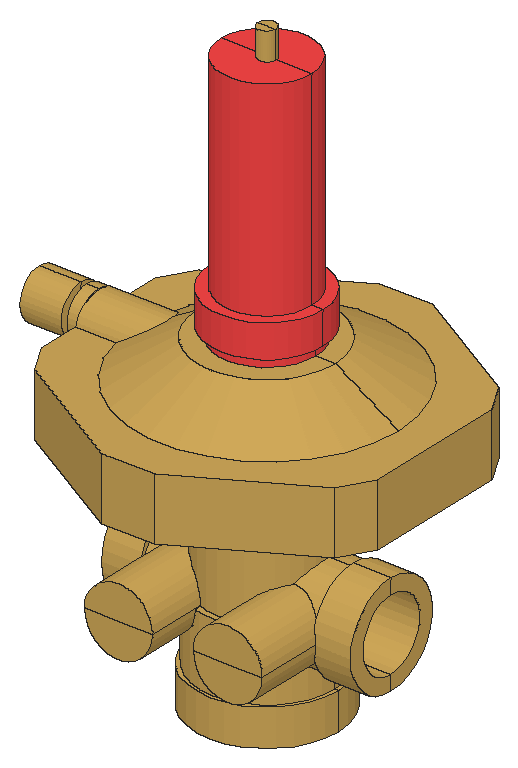
Revit family "Differenzdruckregler 4202 5-30kPa", category Rohrzubehör, Revit 2021
Family settings
  Bemaßung runder Anschluss = Durchmesser verwenden
  Teiletyp = Unterbricht
  OmniClass-Nummer = 23.65.55.14
  OmniClass-Titel = Valves for Liquid Services
  Arbeitsebenenbasiert = Nein
  Immer vertikal = Ja
  Beim Laden mit Abzugskörper schneiden = Nein
  Gemeinsam genutzt = Nein
Parameters (values of type "Ohne Dämmung")
  y2 [instance] = K14 + K9 + H01  # 49.149 mm
  y1 [instance] = (R03 * 2) + R05  # 66.000 mm
  Vorgabe-Ansicht = 0.000 mm
  PN = 25  # constant formula
  Min. Betriebstemperatur (Frostschutz) = -20 °C  # constant formula
  Max. zulässige Betriebstemperatur bis DN32 = 130 °C  # constant formula
  Max. zulässige Betriebstemperatur DN40 - DN50 = 110 °C  # constant formula
  Max. Differenzdruck am Gehäuse = 400000.0 Pa  # constant formula
  Max. Betriebsdruck = 2500000.0 Pa  # constant formula
  Ventilschaft = "Edelstahl 14301"  # constant formula
  URL = "www.herz-armaturen.at"
  SCRNSEQ = "ARM;ARM_TYP=\"DIFR\";2"
  SCRNCODE = "05;03;4"  # constant formula
  S06 [instance] = 1.000 mm  # constant formula
  S05 [instance] = S01 - 1.000 mm  # 16.250 mm
  S04 [instance] = S02 - 1.000 mm  # 18.000 mm
  S03 [instance] = size_lookup("4202 5-30kPa", "S03", 26.500 mm, Nennweite)  # 25.600 mm
  S02 [instance] = size_lookup("4202 5-30kPa", "S02", 19.000 mm, Nennweite)  # 19.000 mm
  S01 [instance] = size_lookup("4202 5-30kPa", "S01", 17.250 mm, Nennweite)  # 17.250 mm
  Regleranschlussmutter = "Messing CW614N"  # constant formula
  Regelbereich = "5 - 30kPa"  # constant formula
  R06 [instance] = size_lookup("4202 5-30kPa", "R06", 14.500 mm, Nennweite)  # 14.500 mm
  R05 [instance] = size_lookup("4202 5-30kPa", "R05", 46.000 mm, Nennweite)  # 46.000 mm
  R04 [instance] = size_lookup("4202 5-30kPa", "R04", 12.500 mm, Nennweite)  # 12.500 mm
  R03 [instance] = size_lookup("4202 5-30kPa", "R03", 10.000 mm, Nennweite)  # 10.000 mm
  R02 = 14.500 mm  # constant formula
  R01 [instance] = size_lookup("4202 5-30kPa", "R01", 12.500 mm, Nennweite)  # 12.500 mm
  Min. Betriebstemperatur (reines Wasser) = 2 °C  # constant formula
  O-Ringe = "EPDM"  # constant formula
  Nennweite [instance] = 15.000 mm
  Membrangehäuse = "Messing CW602N"  # constant formula
  Membrane = "EPDM"  # constant formula
  Medium = "Wasserbeschaffenheit nach ÖNORM H 5195 und VDI 2035\r\nDie Verwendung von Ethylen- und Propylenglykol ist im\r\nMischungsverhältnis 25 - 50 Vol.-% zulässig."
  L2 [instance] = size_lookup("4202 5-30kPa", "L2", 161.000 mm, Nennweite)  # 161.000 mm
  L [instance] = size_lookup("4202 5-30kPa", "L", 66.000 mm, Nennweite)  # 66.000 mm
  K9 = 4.000 mm  # constant formula
  K8 = 55.000 mm  # constant formula
  K7 = 8.700 mm  # constant formula
  K6 = 11.700 mm  # constant formula
  K5 = 13.000 mm  # constant formula
  K4 = 12.000 mm  # constant formula
  K3 = 15.000 mm  # constant formula
  K2 = 2.350 mm  # constant formula
  K18 = 89.000 mm  # constant formula
  K17 = 66.700 mm  # constant formula
  K16 = 3.000 mm  # constant formula
  K15 = 26.649 mm  # constant formula
  K14 = 16.649 mm  # constant formula
  K13 = 16.649 mm  # constant formula
  K12 = 10.000 mm  # constant formula
  K11 = 35.000 mm  # constant formula
  K10 = 18.250 mm  # constant formula
  K1.1 = 2.350 mm  # constant formula
  K1 = 7.651 mm  # constant formula
  J9 = 15.700 mm  # constant formula
  J8 = 7.850 mm  # constant formula
  J7 = 15.897 mm  # constant formula
  J6 = 3.900 mm  # constant formula
  J5 = 6.500 mm  # constant formula
  J4 = 1.500 mm  # constant formula
  J3 = 3.200 mm  # constant formula
  J2 = 11.000 mm  # constant formula
  J11 = 3.500 mm  # constant formula
  J10 = 18.897 mm  # constant formula
  J1 = 6.500 mm  # constant formula
  Hersteller = "HERZ-Armaturen Ges.m.b.H"  # constant formula
  H2 [instance] = size_lookup("4202 5-30kPa", "H2", 28.000 mm, Nennweite)  # 28.000 mm
  H1 [instance] = K1 + K2 + K3 + K4 + K5 + K7 + K8 + K16 + 16.650 mm  # 133.351 mm
  H04 = 4.000 mm  # constant formula
  H03 = 9.800 mm  # constant formula
  H02 [instance] = size_lookup("4202 5-30kPa", "H02", 53.000 mm, Nennweite)  # 53.000 mm
  H01 [instance] = size_lookup("4202 5-30kPa", "H01", 25.000 mm, Nennweite)  # 28.500 mm
  Gehäuse = "DZR Messing CC770S"  # constant formula
  G03 [instance] = size_lookup("4202 5-30kPa", "G03", 13.200 mm, Nennweite)  # 13.200 mm
  G02 [instance] = size_lookup("4202 5-30kPa", "G02", 9.500 mm, Nennweite)  # 9.500 mm
  G01 [instance] = size_lookup("4202 5-30kPa", "G01", 13.500 mm, Nennweite)  # 13.500 mm
  Einstellspindel = "Messing CW614N"  # constant formula
  Hinweise zum Material = "Gemäß Art 33 der REACH-Verordnung (EG Nr. 1907/2006) sind wir verpflichtet, darauf hinzuweisen,\r\ndass der Stoff Blei auf der SVHC-Liste geführt wird und dass alle aus Messing bestehenden Bauteile,\r\ndie in unseren Erzeugnissen verarbeitet sind, mehr als 0,1 % (w/w) Blei (CAS: 7439-92-1 / EINECS:\r\n231-100-4) enthalten. Da Blei als Legierungsbestandteil fest gebunden ist, sind keine Expositionen zu\r\nerwarten und daher sind keine zusätzlichen Angaben zur sicheren Verwendung notwendig.\r\n\r\nIm Hanf enthaltenes Ammoniak schädigt\r\nMessingventilgehäuse, EPDM Dichtungen werden durch\r\nMineralöle bzw. mineralölhaltige Schmierstoffe aufgequollen\r\nund führen somit zum Ausfall der EPDM-Dichtungen. Für\r\nFrost- und Korrosionsschutzmittel auf der Basis von Ethylen- und Propylenglykol sind die entsprechenden\r\nAngaben den Unterlagen des Herstellers zu entnehmen."
  Dämmung = no
  Dämmschale = "EPP (expandiertes Polypropylen)"  # constant formula
  Druckfeder = "Federstahl 14310 NS"  # constant formula
  DN50 [instance] = Nennweite = 50.000 mm  # no
  DN40 [instance] = Nennweite = 40.000 mm  # no
  DN32-40 [instance] = or(Nennweite = 32.000 mm, Nennweite = 40.000 mm)  # no
  DN32 [instance] = Nennweite = 32.000 mm  # no
  DN25,32,40 [instance] = or(Nennweite = 25.000 mm, Nennweite = 32.000 mm, Nennweite = 40.000 mm)  # no
  DN25 [instance] = Nennweite = 25.000 mm  # no
  DN20 [instance] = Nennweite = 20.000 mm  # no
  DN15-25 [instance] = or(Nennweite = 15.000 mm, Nennweite = 20.000 mm, Nennweite = 25.000 mm)  # yes
  DN15,20,50 [instance] = or(Nennweite = 15.000 mm, Nennweite = 20.000 mm, Nennweite = 50.000 mm)  # yes
  DN15 [instance] = Nennweite = 15.000 mm  # yes
  D07 [instance] = if(Nennweite = 15.000 mm, 32.500 mm, if(Nennweite = 20.000 mm, 33.500 mm, if(Nennweite = 25.000 mm, 33.500 mm, if(Nennweite = 32.000 mm, 49.500 mm, if(Nennweite = 40.000 mm, 59.500 mm, if(Nennweite = 50.000 mm, 59.500 mm, 0.000 mm))))))  # 32.500 mm
  D06 [instance] = if(Nennweite = 15.000 mm, 32.500 mm, if(Nennweite = 20.000 mm, 33.500 mm, if(Nennweite = 25.000 mm, 33.500 mm, if(Nennweite = 32.000 mm, 49.500 mm, if(Nennweite = 40.000 mm, 59.500 mm, if(Nennweite = 50.000 mm, 59.500 mm, 0.000 mm))))))  # 32.500 mm
  D05 [instance] = if(Nennweite = 15.000 mm, 36.750 mm, if(Nennweite = 20.000 mm, 40.700 mm, if(Nennweite = 25.000 mm, 49.200 mm, if(Nennweite = 32.000 mm, 54.150 mm, if(Nennweite = 40.000 mm, 60.750 mm, if(Nennweite = 50.000 mm, 72.700 mm, 0.000 mm))))))  # 36.750 mm
  D04 [instance] = if(Nennweite = 15.000 mm, 78.500 mm, if(Nennweite = 20.000 mm, 82.000 mm, if(Nennweite = 25.000 mm, 84.000 mm, if(Nennweite = 32.000 mm, 120.000 mm, if(Nennweite = 40.000 mm, 130.000 mm, if(Nennweite = 50.000 mm, 130.500 mm, 0.000 mm))))))  # 78.500 mm
  D03 [instance] = size_lookup("4202 5-30kPa", "R05", 41.000 mm, Nennweite)  # 46.000 mm
  D02 [instance] = if(Nennweite = 15.000 mm, 96.000 mm, if(Nennweite = 20.000 mm, 110.000 mm, if(Nennweite = 25.000 mm, 112.000 mm, if(Nennweite = 32.000 mm, 152.000 mm, if(Nennweite = 40.000 mm, 170.000 mm, if(Nennweite = 50.000 mm, 179.000 mm, 0.000 mm))))))  # 96.000 mm
  D01 [instance] = size_lookup("4202 5-30kPa", "G01", 13.220 mm, Nennweite)  # 13.500 mm
  Bestellnummer Dämmung [instance] = if(and(Dämmung, Nennweite = 15.000 mm), 1409611, if(and(Dämmung, Nennweite = 20.000 mm), 1409612, if(and(Dämmung, Nennweite = 25.000 mm), 1409613, if(and(Dämmung, Nennweite = 32.000 mm), 1409614, if(and(Dämmung, Nennweite = 40.000 mm), 1409615, if(and(Dämmung, Nennweite = 50.000 mm), 1409616, 0))))))  # 0
  Bestellnummer [instance] = if(Nennweite = 15.000 mm, 1420241, if(Nennweite = 20.000 mm, 1420242, if(Nennweite = 25.000 mm, 1420243, if(Nennweite = 32.000 mm, 1420244, if(Nennweite = 40.000 mm, 1420245, if(Nennweite = 50.000 mm, 1420246, 0))))))  # 1420241
  B2 [instance] = size_lookup("4202 5-30kPa", "B2", 31.000 mm, Nennweite)  # 31.000 mm
  B1 [instance] = size_lookup("4202 5-30kPa", "B1", 26.000 mm, Nennweite)  # 26.000 mm
  B04 = 100.649 mm  # constant formula
  B03 = 44.500 mm  # constant formula
  B02 = 104.688 mm  # constant formula
  B01 = 10.000 mm  # constant formula
  Anzeigehülse = "Kunststoff (Rot)"  # constant formula
  Anwendungsgebiet = "Der Differenzdruckregler ist ein Regler mit linearer Kennlinie in Geradsitzausführung und arbeitet ohne\r\nHilfsenergie. Der gewünschte Differenzdruck-Sollwert kann zwischen 5 und 30 kPa; 25 und 60 kPa bzw.\r\n45 und 80 kPa stufenlos eingestellt werden. Der eingestellte Wert ist mit Hilfe des Einstelldiagrammes\r\nablesbar. Werksseitig ist der Sollwert auf Minimum eingestellt. Der erforderliche Sollwert wird mit dem\r\nEinstellwerkzeug (1 4006 02) eingestellt. Im Lieferumfang enthalten ist die Impulsleitung (1000 mm),\r\ndiese ist im Vorlauf einzubinden."
  Anschlussnippel = "Messing CW602N"  # constant formula
Types (2, lengths in mm): name | y2 | y1 | S05 | S04 | S03 | S02 | S01 | R05 | R04 | R03 | R01 | Nennweite | L2 | L | H2 | H02 | H01 | G03 | G02 | G01 | Dämmung | DN50 | DN15-25 | DN15 | D07 | D06 | D05 | D04 | D03 | D02 | D01 | Bestellnummer Dämmung | Bestellnummer | B2 | B1
  Ohne Dämmung | 49.149 | 66.000 | 16.250 | 18.000 | 25.600 | 19.000 | 17.250 | 46.000 | 12.500 | 10.000 | 12.500 | 15.000 | 161.000 | 66.000 | 28.000 | 53.000 | 28.500 | 13.200 | 9.500 | 13.500 | no | no | yes | yes | 32.500 | 32.500 | 36.750 | 78.500 | 46.000 | 96.000 | 13.500 | 0 | 1420241 | 31.000 | 26.000
  Mit Dämmung | 76.149 | 140.000 | 27.500 | 27.000 | 37.700 | 28.000 | 28.500 | 106.000 | 14.500 | 17.000 | 33.500 | 50.000 | 216.500 | 140.000 | 58.000 | 107.000 | 55.500 | 23.400 | 28.325 | 35.000 | yes | yes | no | no | 59.500 | 59.500 | 72.700 | 130.500 | 106.000 | 179.000 | 35.000 | 1409616 | 1420246 | 41.000 | 41.000
Reference planes
  plane 1 "Mitte (Vorne/hinten)": y = 0
  plane 2: z = 0
  plane 3 "Mitte (Links/rechts)": x = 0
Forms (mm)
  Revolve 1, solid, material "Messing, weicher Gelbton, geschweißt", detail levels fine
    sketch origin (0, 0, 0) x (1, 0, 0) y (0, 0, 1)
      loop
        line (-19.8, 0) -> (19.8, 0) -> (19.8, 9.5) -> (33, 9.5) -> (33, 13.5) -> (23, 13.5) -> (23, 12.5) -> (-23, 12.5) -> (-23, 13.5) -> (-33, 13.5) -> (-33, 9.5) -> (-19.8, 9.5) -> (-19.8, 0)
      axis (-33, 0) -> (33, 0)
    angle from 0 to 360
  Revolve 2, solid, material "Messing, weicher Gelbton, geschweißt", detail levels fine
    sketch origin (0, 0, 0) x (1, 0, 0) y (0, 0, 1)
      loop
        line (0, -28) -> (0, 0) -> (-18, 0) -> (-18, -18.2) -> (-19, -18.2) -> (-19, -28) -> (0, -28)
      axis (0, 0) -> (0, -28)
    angle from 0 to 360
  Extrusion 3, solid, material "Messing, weicher Gelbton, geschweißt", detail levels fine
    sketch origin (0, 0, 0) x (0, -1, 0) y (1, 0, 0)
      loop
        line (-46, -7.038) -> (-27.114, -39.75) -> (-18.886, -44.5) -> (18.886, -44.5) -> (27.114, -39.75) -> (46, -7.038) -> (46, 7.038) -> (27.114, 39.75) -> (18.886, 44.5) -> (-18.886, 44.5) -> (-27.114, 39.75) -> (-46, 7.038) -> (-46, -7.038)
    from 32.5 to 49.149
  Revolve 4, solid, material "Messing, weicher Gelbton, geschweißt", detail levels fine
    sketch origin (0, 0, -7.051) x (1, 0, 0) y (0, 0, 1)
      loop
        line (0, 56.2) -> (0, 66.2) -> (-18.25, 66.2) -> (-35, 56.2) -> (0, 56.2)
      axis (0, 66.2) -> (0, 56.2)
    angle from 0 to 360
  Revolve 5, solid, material "Messing, weicher Gelbton, geschweißt", visible <- "DN15-25", detail levels fine
    sketch origin (-11, 0, 0) x (1, 0, 0) y (0, 1, 0)
      loop
        line (-1.5, 26) -> (-9.2, 26) -> (-9.2, 0) -> (-1.5, 0) -> (-1.5, 26)
      axis (-1.5, 0) -> (-1.5, 26)
    angle from 0 to 360
  Revolve 6, solid, material "Messing, weicher Gelbton, geschweißt", visible <- "DN15,20,50", detail levels fine
    sketch origin (-0.988, 0, -6.853) x (-1, 0, 0) y (0, 0, 1)
      loop
        line (43.5, 55.25) -> (59.2, 55.25) -> (59.2, 61.75) -> (48.2, 61.75) -> (48.2, 59.15) -> (46.7, 59.15) -> (46.7, 61.75) -> (43.5, 61.75) -> (43.5, 55.25)
      axis (43.5, 55.25) -> (59.2, 55.25)
    angle from 0 to 360
  Extrusion 7, solid, material "Messing, weicher Gelbton, geschweißt", visible <- "DN15,20,50", detail levels fine
    sketch origin (0, 0, 0) x (0, 1, 0) y (0, 0, -1)
      loop
        line (7.85, -47.047) -> (7.85, -36) -> (-7.85, -36) -> (-7.85, -47.047)
        arc (-7.85, -47.047) -> (0, -54.897) -> (7.85, -47.047) r 7.85
    from 0 to 44.5
  Revolve 8, solid, material "Kunsstoff rot", detail levels fine
    sketch origin (0, 0, 0) x (1, 0, 0) y (0, 0, 1)
      loop
        line (-12, 125.849) -> (-12, 70.849) -> (-15, 70.849) -> (-15, 62.149) -> (-13, 62.149) -> (-13, 59.149) -> (0, 59.149) -> (0, 125.849) -> (-12, 125.849)
      axis (0, 125.849) -> (0, 59.149)
    angle from 0 to 360
  Revolve 9, solid, material "Messing, weicher Gelbton, geschweißt", visible <- "DN15-25", detail levels fine
    sketch origin (-2, 0, 0) x (1, 0, 0) y (0, 1, 0)
      loop
        line (-12.5, 0) -> (-21.5, 0) -> (-21.5, -31) -> (-12.5, -31) -> (-12.5, 0)
      axis (-12.5, 0) -> (-12.5, -31)
    angle from 0 to 360
  Revolve 10, solid, material "Messing, weicher Gelbton, geschweißt", visible <- "DN15-25", detail levels fine
    sketch origin (2, 0, 0) x (1, 0, 0) y (0, 1, 0)
      loop
        line (12.5, 0) -> (12.5, -31) -> (21.6, -31) -> (21.6, 0) -> (12.5, 0)
      axis (12.5, 0) -> (12.5, -31)
    angle from 0 to 360
  Extrusion 11, solid, material "Messing, weicher Gelbton, geschweißt", visible <- "DN32", detail levels fine
    sketch origin (-31.5, 0, 0) x (1, 0, 0) y (0, 1, 0)
      loop
        circle (63, 0) r 6.578
      loop
        circle (63, 0) r 3.28
    from -47 to 0
  Extrusion 12, solid, material "Messing, weicher Gelbton, geschweißt", visible <- "DN32", detail levels fine
    sketch origin (31.5, 0, 0) x (-1, 0, 0) y (0, -1, 0)
      loop
        circle (63, 0) r 6.578
      loop
        circle (63, 0) r 3.28
    from -47 to 0
  Revolve 13, solid, material "Messing, weicher Gelbton, geschweißt", detail levels fine
    sketch origin (0, 0, 0) x (1, 0, 0) y (0, 0, 1)
      loop
        line (-16.25, 0) -> (0, 0) -> (0, 32.5) -> (-12.25, 32.5) -> (-12.25, 28.5) -> (-17.25, 28.5) -> (-17.25, 18.7) -> (-16.25, 18.7) -> (-16.25, 0)
      axis (0, 32.5) -> (0, 0)
    angle from 0 to 360
  Extrusion 14, solid, material "Messing, weicher Gelbton, geschweißt", visible <- "DN40", detail levels fine
    sketch origin (29.382, 0, 0) x (-1, 0, 0) y (0, -1, 0)
      loop
        circle (63, 0) r 6.578
      loop
        circle (63, 0) r 3.28
    from -58 to 0
  Extrusion 15, solid, material "Messing, weicher Gelbton, geschweißt", visible <- "DN40", detail levels fine
    sketch origin (-29.455, 0, 0) x (1, 0, 0) y (0, 1, 0)
      loop
        circle (63, 0) r 6.578
      loop
        circle (63, 0) r 3.28
    from -58 to 0
  Extrusion 16, solid, material "Messing, weicher Gelbton, geschweißt", visible <- "DN50", detail levels fine
    sketch origin (28.422, 0, 0) x (-1, 0, 0) y (0, -1, 0)
      loop
        circle (63, 0) r 6.578
      loop
        circle (63, 0) r 3.28
    from -58 to 0
  Extrusion 17, solid, material "Messing, weicher Gelbton, geschweißt", visible <- "DN50", detail levels fine
    sketch origin (-28.422, 0, 0) x (1, 0, 0) y (0, 1, 0)
      loop
        circle (63, 0) r 6.578
      loop
        circle (63, 0) r 3.28
    from -58 to 0
  Revolve 18, solid, material "Messing, weicher Gelbton, geschweißt", detail levels fine
    sketch origin (0, 0, 0) x (1, 0, 0) y (0, 0, 1)
      loop
        line (-2.35, 125.349) -> (0, 125.349) -> (0, 133) -> (-2.35, 133) -> (-2.35, 125.349)
      axis (0, 133) -> (0, 125.349)
    angle from 0 to 360
  Revolve 19, solid, material "Messing, weicher Gelbton, geschweißt", visible <- "DN32-40", detail levels fine
    sketch origin (-11, 0, 0) x (1, 0, 0) y (0, 1, 0)
      loop
        line (-1.5, -26) -> (-1.5, 0) -> (-9.2, 0) -> (-9.2, -26) -> (-1.5, -26)
      axis (-1.5, 0) -> (-1.5, -26)
    angle from 0 to 360
  Revolve 20, solid, material "Messing, weicher Gelbton, geschweißt", visible <- "DN25,32,40", detail levels fine
    sketch origin (0.988, 0, 20.147) x (1, 0, 0) y (0, 0, 1)
      loop
        line (43.5, 28.25) -> (59.2, 28.25) -> (59.2, 34.75) -> (48.2, 34.75) -> (48.2, 32.15) -> (46.7, 32.15) -> (46.7, 34.75) -> (43.5, 34.75) -> (43.5, 28.25)
      axis (43.5, 28.25) -> (59.2, 28.25)
    angle from 0 to 360
  Extrusion 21, solid, material "Messing, weicher Gelbton, geschweißt", visible <- "DN25", detail levels fine
    sketch origin (0, 0, 0) x (0, 1, 0) y (0, 0, 1)
      loop
        arc (7.85, 48.047) -> (0, 55.897) -> (-7.85, 48.047) r 7.85
        line (-7.85, 48.047) -> (-7.85, 37) -> (7.85, 37) -> (7.85, 48.047)
    from 0 to 44.5
  Extrusion 22, solid, material "Messing, weicher Gelbton, geschweißt", visible <- "DN32", detail levels fine
    sketch origin (0, 0, 0) x (0, 1, 0) y (0, 0, 1)
      loop
        arc (7.85, 64.047) -> (0, 71.897) -> (-7.85, 64.047) r 7.85
        line (-7.85, 64.047) -> (-7.85, 53) -> (7.85, 53) -> (7.85, 64.047)
    from 0 to 44.5
  Extrusion 23, solid, material "Messing, weicher Gelbton, geschweißt", visible <- "DN40", detail levels fine
    sketch origin (0, 0, 0) x (0, 1, 0) y (0, 0, 1)
      loop
        arc (7.85, 74.047) -> (0, 81.897) -> (-7.85, 74.047) r 7.85
        line (-7.85, 74.047) -> (-7.85, 63) -> (7.85, 63) -> (7.85, 74.047)
    from 0 to 44.5
  Revolve 24, solid, material "Kunststoff-Anthrazit/Schwarz", visible <- "Dämmung"
    sketch origin (0, 0, 0) x (1, 0, 0) y (0, 0, 1)
      loop
        line (0, -46) -> (36.75, -46) -> (36.75, 32.5) -> (0, 32.5) -> (0, -46)
      axis (0, 32.5) -> (0, -46)
    angle from 0 to 360
  Revolve 25, solid, material "Kunststoff-Anthrazit/Schwarz", visible <- "Dämmung"
    sketch origin (0, 0, 0) x (1, 0, 0) y (0, 0, 1)
      loop
        line (0, 32.5) -> (-48, 32.5) -> (-48, 13.5) -> (-23, 13.5) -> (-23, 0) -> (0, 0) -> (23, 0) -> (23, 13.5) -> (48, 13.5) -> (48, 32.5) -> (0, 32.5)
      axis (-48, 0) -> (48, 0)
    angle from 0 to 360
Lines and regions (mm)
  model lines, detail levels coarse+medium
    curve 1: line (33, -13.5, 0) -> (33, 13.5, 0)
    curve 2: line (33, 13.5, 0) -> (-33, -13.5, 0)
    curve 3: line (-33, -13.5, 0) -> (-33, 13.5, 0)
    curve 4: line (-33, 13.5, 0) -> (33, -13.5, 0)
    curve 5: line (0, -18.5, 0) -> (0, -32.5, 0)
    curve 6: spline (-44.5, -40.824, 0) -> (-42.984, -38.67, 0) -> (-38.538, -36.662, 0) -> (-31.466, -34.938, 0) -> (-22.25, -33.615, 0) -> (-11.517, -32.784, 0) -> (0, -32.5, 0) -> (11.517, -32.784, 0) -> (22.25, -33.615, 0) -> (31.466, -34.938, 0) -> (38.538, -36.662, 0) -> (42.984, -38.67, 0) -> (44.5, -40.825, 0) -> (42.984, -42.979, 0) -> (38.538, -44.987, 0) -> (31.466, -46.711, 0) -> (22.25, -48.034, 0) -> (11.517, -48.865, 0) -> (0, -49.149, 0) -> (-11.517, -48.865, 0) -> (-22.25, -48.034, 0) -> (-31.466, -46.711, 0) -> (-38.538, -44.987, 0) -> (-42.984, -42.979, 0) -> (-44.5, -40.824, 0)
    curve 7: line (0, 0, 13.5) -> (0, 0, 32.5)
    curve 8: spline (-44.5, 0, 40.825) -> (-42.984, 0, 42.979) -> (-38.538, 0, 44.987) -> (-31.466, 0, 46.711) -> (-22.25, 0, 48.034) -> (-11.517, 0, 48.865) -> (0, 0, 49.149) -> (11.517, 0, 48.865) -> (22.25, 0, 48.034) -> (31.466, 0, 46.711) -> (38.538, 0, 44.987) -> (42.984, 0, 42.979) -> (44.5, 0, 40.824) -> (42.984, 0, 38.67) -> (38.538, 0, 36.662) -> (31.466, 0, 34.938) -> (22.25, 0, 33.615) -> (11.517, 0, 32.784) -> (0, 0, 32.5) -> (-11.517, 0, 32.784) -> (-22.25, 0, 33.615) -> (-31.466, 0, 34.938) -> (-38.538, 0, 36.662) -> (-42.984, 0, 38.67) -> (-44.5, 0, 40.825)
    curve 9: line (0, 0, 13.5) -> (16.5, 0, 6.75)
    curve 10: line (0, 0, 13.5) -> (-16.5, 0, 6.75)
    curve 11: line (0, -18.5, 0) -> (-6.483, -2.652, 0)
    curve 12: line (0, -18.5, 0) -> (6.483, -2.652, 0)
    curve 13: line (-33, 0, 13.5) -> (33, 0, -13.5)
    curve 14: line (33, 0, -13.5) -> (33, 0, 13.5)
    curve 15: line (33, 0, 13.5) -> (-33, 0, -13.5)
    curve 16: line (-33, 0, -13.5) -> (-33, 0, 13.5)
Dimensions and locks
  "G01": Revolve 1 sketch curve to Revolve 1 sketch curve  (x2)
  "R01": Revolve 1 sketch curve to Revolve 1 sketch curve
  "R03": Revolve 1 sketch curve to Revolve 1 sketch curve  (x2)
  "K10": Revolve 4 sketch curve to Revolve 4 sketch curve
  "K11": Revolve 4 sketch curve to Revolve 4 sketch curve
  "B1": Revolve 5 sketch curve to Revolve 5 sketch curve
  "J1": Revolve 6 sketch curve to Revolve 6 sketch curve
  "J3": Revolve 6 sketch curve to Revolve 6 sketch curve
  "J4": Revolve 6 sketch curve to Revolve 6 sketch curve
  "J2": Revolve 6 sketch curve to Revolve 6 sketch curve
  "J5": Revolve 6 sketch curve to Revolve 6 sketch curve
  "J6": Revolve 6 sketch curve to Revolve 6 sketch curve
  "H2": plane 2 to Revolve 2 sketch curve
  "H03": Revolve 2 sketch curve to Revolve 2 sketch curve
  "S02": plane 3 "Mitte (Links/rechts)" to Revolve 2 sketch curve
  "B02": Revolve 6 to Extrusion 3
  "B03": Extrusion 3 to plane 3 "Mitte (Links/rechts)"
  "R04": Revolve 5 sketch curve to plane 3 "Mitte (Links/rechts)"
  "K4": Revolve 8 sketch curve to Revolve 8 sketch curve
  "K3": Revolve 8 sketch curve to Revolve 8 sketch curve
  "K7": Revolve 8 sketch curve to Revolve 8 sketch curve
  "K5": Revolve 8 sketch curve to Revolve 8 sketch curve
  "K8": Revolve 8 sketch curve to Revolve 8 sketch curve
  "K12": Revolve 4 sketch curve to Revolve 4 sketch curve
  "K13": Revolve 4 sketch curve to Extrusion 3
  "K14": Extrusion 3 to Extrusion 3
  "K16": Revolve 8 sketch curve to Revolve 8 sketch curve
  "K15": Revolve 8 to Extrusion 3
  "R05": Revolve 1 sketch curve to Revolve 1 sketch curve
  equal spacing: Revolve 1 sketch curve, plane 3 "Mitte (Links/rechts)", Revolve 1 sketch curve
  "B2": plane 1 "Mitte (Vorne/hinten)" to Revolve 9 sketch curve
  "B2": Revolve 10 sketch curve to plane 1 "Mitte (Vorne/hinten)"
  "R06": Revolve 9 sketch curve to plane 3 "Mitte (Links/rechts)"
  "R06": plane 3 "Mitte (Links/rechts)" to Revolve 10 sketch curve
  "S01": Revolve 13 sketch curve to plane 3 "Mitte (Links/rechts)"
  "S05": plane 3 "Mitte (Links/rechts)" to Revolve 13 sketch curve
  "H04": Revolve 13 sketch curve to Revolve 13 sketch curve
  "H03": Revolve 13 sketch curve to Revolve 13 sketch curve
  "H01": Revolve 13 sketch curve to plane 2
  "K9": Extrusion 3 to Revolve 13
  "S06": Revolve 2 sketch curve to Revolve 2 sketch curve
  "J7": Revolve 6 sketch curve to Extrusion 3
  "J9": Extrusion 7 sketch curve to Extrusion 7 sketch curve
  "J10": Revolve 6 to Extrusion 7 sketch curve
  "J11": Extrusion 7 sketch curve to Extrusion 3
  "K18": Extrusion 3 to Extrusion 3
  "K18": curve 8 to curve 8
  "G01": curve 10 to plane 2
  "K14": curve 8 to curve 8
  "y2": curve 8 to plane 2
  "G01": plane 1 "Mitte (Vorne/hinten)" to curve 4
  "G01": curve 3 to plane 1 "Mitte (Vorne/hinten)"
  equal spacing: curve 3, curve 8, curve 1
  equal spacing: curve 3, curve 12, curve 1
  "y1": curve 3 to curve 1
  "G01": plane 1 "Mitte (Vorne/hinten)" to curve 2
  "G01": curve 4 to plane 1 "Mitte (Vorne/hinten)"
  "K18": curve 6 to curve 6
  "K14": curve 6 to curve 6
  "y2": curve 6 to plane 1 "Mitte (Vorne/hinten)"
  "K1.1": plane 3 "Mitte (Links/rechts)" to Revolve 18 sketch curve
  "B1": Revolve 19 sketch curve to Revolve 19 sketch curve
  "R04": Revolve 19 sketch curve to plane 3 "Mitte (Links/rechts)"
  "G02": Revolve 1 sketch curve to plane 2  (x2)
  "G03": Revolve 1 sketch curve to Revolve 1 sketch curve  (x2)
  Revolve 1 sketch curve to Revolve 1 sketch curve = 66.000 mm
  "L2": Revolve 18 to Revolve 2
  "J1": Revolve 20 sketch curve to Revolve 20 sketch curve
  "J3": Revolve 20 sketch curve to Revolve 20 sketch curve
  "J4": Revolve 20 sketch curve to Revolve 20 sketch curve
  "J2": Revolve 20 sketch curve to Revolve 20 sketch curve
  "J5": Revolve 20 sketch curve to Revolve 20 sketch curve
  "J6": Revolve 20 sketch curve to Revolve 20 sketch curve
  "J7": Revolve 20 sketch curve to Extrusion 3
  "J9": Extrusion 21 sketch curve to Extrusion 21 sketch curve
  "J9": Extrusion 22 sketch curve to Extrusion 22 sketch curve
  "J9": Extrusion 23 sketch curve to Extrusion 23 sketch curve
  equal spacing: curve 10, plane 3 "Mitte (Links/rechts)", curve 9
  "L": curve 14 to curve 16
  equal spacing: curve 14, curve 6, curve 16
  equal spacing: curve 14, curve 9, curve 10, curve 10, curve 16
  "G01": curve 16 to plane 2
  "G01": plane 2 to curve 16
  "G01": curve 15 to plane 2
  "G01": plane 2 to curve 14
  "D07": Revolve 25 sketch curve to plane 2
  "D01": Revolve 25 sketch curve to plane 2  (x2)
  "D03": Revolve 25 sketch curve to Revolve 25 sketch curve
  "D02": Revolve 25 sketch curve to Revolve 25 sketch curve
  equal spacing: Revolve 25 sketch curve, plane 3 "Mitte (Links/rechts)", Revolve 25 sketch curve  (x2)
  "D06": Revolve 24 sketch curve to plane 2
  "D05": Revolve 24 sketch curve to Revolve 24 sketch curve
  "D04": Revolve 24 sketch curve to Revolve 24 sketch curve
  "J8": radius of Extrusion 7 sketch curve
  "J8": radius of Extrusion 21 sketch curve
  "J8": radius of Extrusion 22 sketch curve
  "J8": radius of Extrusion 23 sketch curve
  aligned and locked: level to plane 2
Automatic sketch dimensions
  plane 3 "Mitte (Links/rechts)" to Extrusion 3 sketch curve = 7.038 mm  (x2)
  Extrusion 3 sketch curve to plane 1 "Mitte (Vorne/hinten)" = 46.000 mm
  Extrusion 3 sketch curve to plane 1 "Mitte (Vorne/hinten)" = 27.114 mm  (x2)
  Extrusion 3 sketch curve to Extrusion 3 sketch curve = 8.227 mm  (x4)
  plane 1 "Mitte (Vorne/hinten)" to Extrusion 3 sketch curve = 18.886 mm  (x2)
  Extrusion 3 sketch curve to Extrusion 3 sketch curve = 18.886 mm
  Extrusion 3 sketch curve to plane 3 "Mitte (Links/rechts)" = 7.038 mm  (x2)
  Extrusion 3 sketch curve to Extrusion 3 sketch curve = 32.712 mm  (x4)
  Extrusion 3 sketch curve to Extrusion 3 sketch curve = 4.750 mm  (x2)
  Extrusion 11 sketch curve to Extrusion 11 sketch curve = 0.000 mm  (x2)
  plane 1 "Mitte (Vorne/hinten)" to Extrusion 11 sketch curve = 0.000 mm
  plane 3 "Mitte (Links/rechts)" to Extrusion 11 sketch curve = 31.500 mm
  Extrusion 12 sketch curve to Extrusion 12 sketch curve = 0.000 mm  (x2)
  plane 1 "Mitte (Vorne/hinten)" to Extrusion 12 sketch curve = 0.000 mm
  plane 3 "Mitte (Links/rechts)" to Extrusion 12 sketch curve = 31.500 mm
  Extrusion 14 sketch curve to Extrusion 14 sketch curve = 0.000 mm  (x2)
  plane 1 "Mitte (Vorne/hinten)" to Extrusion 14 sketch curve = 0.000 mm
  plane 3 "Mitte (Links/rechts)" to Extrusion 14 sketch curve = 33.618 mm
  Extrusion 15 sketch curve to Extrusion 15 sketch curve = 0.000 mm  (x2)
  plane 1 "Mitte (Vorne/hinten)" to Extrusion 15 sketch curve = 0.000 mm
  plane 3 "Mitte (Links/rechts)" to Extrusion 15 sketch curve = 33.545 mm
  Extrusion 16 sketch curve to Extrusion 16 sketch curve = 0.000 mm  (x2)
  plane 1 "Mitte (Vorne/hinten)" to Extrusion 16 sketch curve = 0.000 mm
  plane 3 "Mitte (Links/rechts)" to Extrusion 16 sketch curve = 34.578 mm
  Extrusion 17 sketch curve to Extrusion 17 sketch curve = 0.000 mm  (x2)
  plane 1 "Mitte (Vorne/hinten)" to Extrusion 17 sketch curve = 0.000 mm
  plane 3 "Mitte (Links/rechts)" to Extrusion 17 sketch curve = 34.578 mm
  curve 8 to plane 3 "Mitte (Links/rechts)" = 0.000 mm
  curve 11 to plane 3 "Mitte (Links/rechts)" = 0.000 mm
  curve 6 to plane 3 "Mitte (Links/rechts)" = 0.000 mm
  curve 5 to curve 12 = 14.000 mm
  Revolve 1 sketch curve to level = 0.000 mm  (x2)
  Revolve 1 sketch curve to Revolve 1 sketch curve = 1473.530 mm
  Revolve 1 sketch curve to Revolve 1 sketch curve = 1806.148 mm
  Revolve 2 sketch curve to level = 0.000 mm
  Revolve 2 sketch curve to plane 3 "Mitte (Links/rechts)" = 0.000 mm  (x2)
  Revolve 2 sketch curve to Revolve 2 sketch curve = 1.000 mm
  Revolve 2 sketch curve to Revolve 2 sketch curve = 334.045 mm
  level to Revolve 2 sketch curve = 2218.015 mm
  Revolve 4 sketch curve to plane 3 "Mitte (Links/rechts)" = 0.000 mm  (x2)
  Revolve 4 sketch curve to level = 373.096 mm
  Revolve 4 sketch curve to Revolve 4 sketch curve = 2155.315 mm
  plane 1 "Mitte (Vorne/hinten)" to Revolve 5 sketch curve = 0.000 mm  (x2)
  Revolve 5 sketch curve to Revolve 5 sketch curve = 0.000 mm  (x2)
  Revolve 5 sketch curve to Revolve 5 sketch curve = 7.700 mm
  plane 3 "Mitte (Links/rechts)" to Revolve 6 sketch curve = 44.488 mm
  Revolve 6 sketch curve to Revolve 6 sketch curve = 0.000 mm  (x3)
  Extrusion 7 sketch curve to plane 1 "Mitte (Vorne/hinten)" = 0.000 mm
  Extrusion 7 sketch curve to Extrusion 7 sketch curve = 11.047 mm
  Extrusion 7 sketch curve to Extrusion 7 sketch curve = 0.000 mm
  Revolve 8 sketch curve to plane 3 "Mitte (Links/rechts)" = 0.000 mm  (x2)
  level to Revolve 8 sketch curve = 59.149 mm
  Revolve 8 sketch curve to Revolve 8 sketch curve = 0.000 mm  (x2)
  plane 1 "Mitte (Vorne/hinten)" to Revolve 9 sketch curve = 0.000 mm  (x2)
  Revolve 9 sketch curve to Revolve 9 sketch curve = 9.000 mm
  Revolve 9 sketch curve to Revolve 9 sketch curve = 0.000 mm  (x2)
  plane 1 "Mitte (Vorne/hinten)" to Revolve 10 sketch curve = 0.000 mm  (x2)
  Revolve 10 sketch curve to Revolve 10 sketch curve = 9.100 mm
  Revolve 10 sketch curve to Revolve 10 sketch curve = 0.000 mm  (x2)
  Revolve 13 sketch curve to level = 0.000 mm  (x2)
  Revolve 13 sketch curve to plane 3 "Mitte (Links/rechts)" = 0.000 mm  (x2)
  Revolve 13 sketch curve to Revolve 13 sketch curve = 5.000 mm
  Revolve 13 sketch curve to Revolve 13 sketch curve = 0.000 mm
  Revolve 18 sketch curve to plane 3 "Mitte (Links/rechts)" = 0.000 mm  (x2)
  level to Revolve 18 sketch curve = 125.349 mm
  Revolve 18 sketch curve to Revolve 18 sketch curve = 7.651 mm
  Revolve 18 sketch curve to Revolve 18 sketch curve = 0.000 mm  (x2)
  plane 1 "Mitte (Vorne/hinten)" to Revolve 19 sketch curve = 0.000 mm  (x2)
  Revolve 19 sketch curve to Revolve 19 sketch curve = 7.700 mm
  Revolve 19 sketch curve to Revolve 19 sketch curve = 0.000 mm  (x2)
  plane 3 "Mitte (Links/rechts)" to Revolve 20 sketch curve = 44.488 mm
  Revolve 20 sketch curve to Revolve 20 sketch curve = 0.000 mm  (x3)
  Extrusion 21 sketch curve to plane 1 "Mitte (Vorne/hinten)" = 0.000 mm
  level to Extrusion 21 sketch curve = 37.000 mm
  Extrusion 21 sketch curve to Extrusion 21 sketch curve = 11.047 mm
  Extrusion 21 sketch curve to Extrusion 21 sketch curve = 0.000 mm
  Extrusion 22 sketch curve to plane 1 "Mitte (Vorne/hinten)" = 0.000 mm
  level to Extrusion 22 sketch curve = 53.000 mm
  Extrusion 22 sketch curve to Extrusion 22 sketch curve = 11.047 mm
  Extrusion 22 sketch curve to Extrusion 22 sketch curve = 0.000 mm
  Extrusion 23 sketch curve to plane 1 "Mitte (Vorne/hinten)" = 0.000 mm
  level to Extrusion 23 sketch curve = 63.000 mm
  Extrusion 23 sketch curve to Extrusion 23 sketch curve = 11.047 mm
  Extrusion 23 sketch curve to Extrusion 23 sketch curve = 0.000 mm
  Revolve 24 sketch curve to plane 3 "Mitte (Links/rechts)" = 0.000 mm  (x2)
  Revolve 24 sketch curve to Revolve 24 sketch curve = 19.575 mm
  Revolve 24 sketch curve to Revolve 24 sketch curve = 9.344 mm
  Revolve 25 sketch curve to level = 0.000 mm  (x2)
  Revolve 25 sketch curve to plane 3 "Mitte (Links/rechts)" = 0.000 mm  (x2)
  Revolve 25 sketch curve to Revolve 25 sketch curve = 0.000 mm  (x2)
  radius of Extrusion 11 sketch curve = 6.578 mm
  radius of Extrusion 11 sketch curve = 3.280 mm
  radius of Extrusion 12 sketch curve = 6.578 mm
  radius of Extrusion 12 sketch curve = 3.280 mm
  radius of Extrusion 14 sketch curve = 6.578 mm
  radius of Extrusion 14 sketch curve = 3.280 mm
  radius of Extrusion 15 sketch curve = 6.578 mm
  radius of Extrusion 15 sketch curve = 3.280 mm
  radius of Extrusion 16 sketch curve = 6.578 mm
  radius of Extrusion 16 sketch curve = 3.280 mm
  radius of Extrusion 17 sketch curve = 6.578 mm
  radius of Extrusion 17 sketch curve = 3.280 mm
Nested families
  nested 1: "Herz-Logo-vorne" at (-0.018, 17.815, -12.904) x (0, -1, 0) z (0, 0, 1), type "Herz-Logo-vorne", detail levels fine
  nested 2: "Herz-Logo-vorne" at (-0.018, 24.058, 0) x (0, -1, 0) z (0, 0, 1), visible <- "DN32", type "Herz-Logo-vorne", detail levels fine
  nested 3: "Herz-Logo-vorne" at (-0.018, 33.471, 0) x (0, -1, 0) z (0, 0, 1), visible <- "DN50", type "Herz-Logo-vorne", detail levels fine
  nested 4: "Herz-Logo-vorne" at (-0.018, 26.482, 0) x (0, -1, 0) z (0, 0, 1), visible <- "DN40", type "Herz-Logo-vorne", detail levels fine
Connectors
  piping at (33, 0, 0), diameter 15, driven by "Nennweite"
    settings: on Revolve 1, index 1, connector inside diameter 609.6 mm, connector length 0.000 mm, flow factor 0, pipe flow 0.0 L/s, pressure drop 0.0 Pa, fitting loss kfactor 0, connector angle 0.00°, fixture units 0, engagement length 0.000 mm, angle of deflection 0.00°, flow configuration 0, flow direction 2, fitting loss method 0, system type 29, joint type 0, gender type 0, connector reference index -1, connector utility 0, adjustable connector no, is connector primary yes, connector description ""
  piping at (-33, 0, 0), diameter 15, driven by "Nennweite"
    settings: on Revolve 1, index 2, connector inside diameter 609.6 mm, connector length 0.000 mm, flow factor 0, pipe flow 0.0 L/s, pressure drop 0.0 Pa, fitting loss kfactor 0, connector angle 0.00°, fixture units 0, engagement length 0.000 mm, angle of deflection 0.00°, flow configuration 0, flow direction 1, fitting loss method 0, system type 7, joint type 0, gender type 0, connector reference index -1, connector utility 0, adjustable connector no, is connector primary no, connector description ""
Definition of nested family "Herz-Logo-vorne"
  Parameters (values of type "Herz-Logo-vorne")
    Default Elevation = 0.000 mm
  Reference planes
    plane 1 "Mitte (Vorne/hinten)": y = 0
    plane 2: z = 0
    plane 3 "Mitte (Links/rechts)": x = 0
  Forms (mm)
    Extrusion 1, solid
      sketch origin (0.732, -0.018, 0.017) x (0, -1, 0) y (0, 0, 1)
        loop
          line (-0.018, -4.517) -> (4.482, -4.517) -> (4.482, 4.483) -> (-4.518, 4.483) -> (-4.518, -4.517) -> (-0.018, -4.517)
        loop
          line (-0.05, -3.48) -> (3.482, -3.48) -> (3.482, 3.483) -> (-3.518, 3.483) -> (-3.518, -3.48) -> (-0.05, -3.48)
        loop
          arc (-0.018, 2.383) -> (-1.543, 3.287) -> (-3.067, 2.383) r 1.738
          arc (-3.067, 2.383) -> (-3.191, 1.899) -> (-3.067, 1.415) r 1.009
          line (-3.067, 1.415) -> (-0.018, -3.281) -> (3.032, 1.415)
          arc (3.032, 1.415) -> (3.156, 1.899) -> (3.032, 2.383) r 1.009
          arc (3.032, 2.383) -> (1.507, 3.287) -> (-0.018, 2.383) r 1.738
        loop
          arc (1.885, 1.272) -> (2.005, 1.675) -> (1.885, 2.079) r 0.74
          arc (1.885, 2.079) -> (1.265, 2.416) -> (0.644, 2.079) r 0.74
          line (0.644, 2.079) -> (-0.018, 0.97) -> (-0.679, 2.079)
          arc (-0.679, 2.079) -> (-1.3, 2.416) -> (-1.921, 2.079) r 0.74
          arc (-1.921, 2.079) -> (-2.04, 1.675) -> (-1.921, 1.272) r 0.74
          line (-1.921, 1.272) -> (-0.018, -1.658) -> (1.885, 1.272)
      from 0 to 1.5
  Dimensions and locks
    aligned and locked: level to plane 2
